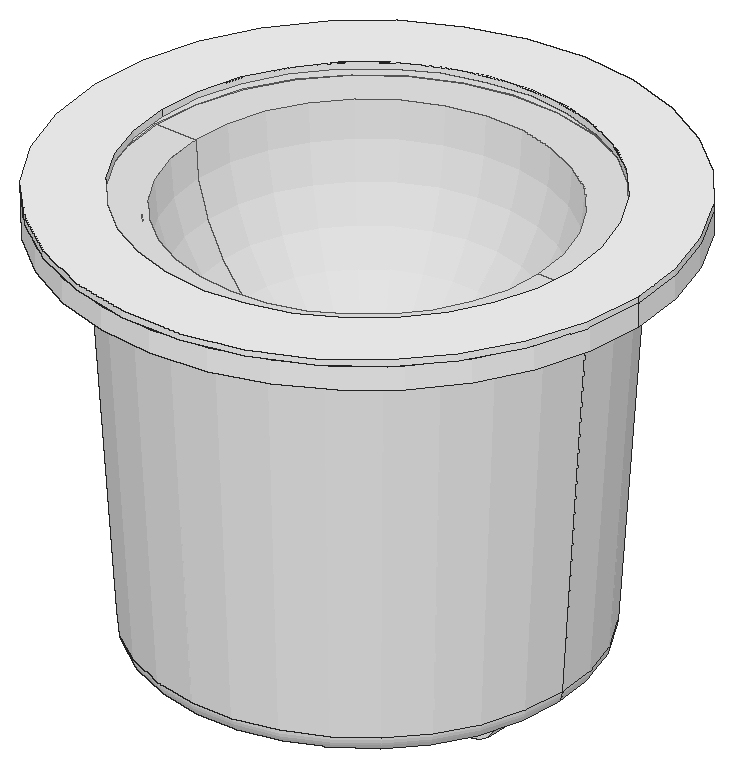
Revit family "2058934", category Lighting Fixtures, host Face, Revit 2018
Family settings
  Host = Face
  Round Connector Dimension = Use Diameter
  Part Type = Normal
  OmniClass Number = 23.80.70.11.17
  OmniClass Title = Specialized Lighting by Location or Use
  Cut with Voids When Loaded = No
  Light Source = Yes
  Shared = No
  Room Calculation Point = No
Parameters (values of type "2058934 MYRIAD DECO IP65 SP 3K PHD EM WH CBEZ")
  Weight = "n/a"
  Wattage = 15 W
  WarrantyStartDate [instance] = "n/a"
  WarrantyGuarantorParts = "n/a"
  WarrantyDurationUnit = "n/a"
  WarrantyDurationParts = ""
  WarrantyDescription = "http://www.sylvania-lighting.com"
  built-in parameter 1150110 = 1 (stored number, unit not read)
  Voltage = 230 V
  URL = "0"
  TypeName = "MYRIAD DECO IP65 SPOT 3000K PHDM EM WHITE CBEZ"
  Type Image = 0
  Type Comments = ""
  built-in parameter 1114217 = 1 (stored number, unit not read)
  Tilt Angle = -90°
  built-in parameter 1150109 = 1 (stored number, unit not read)
  built-in parameter 1150134 = (empty or 0)
  built-in parameter 1150113 = 1 (stored number, unit not read)
  SerialNumber [instance] = "n/a"
  Reflector Radius = Cutout Diameter / 2 - 2.5 mm  # 35.0 mm
  Reflector Material = Aluminum_Sylvania_Myriad_Bright
  Recessed Depth = Height  # 72.0 mm
  PowerFactor = 0
  PowerConsumption = "Lighting"
  Photometric Web File = "2058934.ies"
  NominalWidth = 0.0 mm
  NominalLength = 76.0 mm
  NominalHeight = 72.0 mm
  Name = "MYRIAD DECO IP65 SPOT 3000K PHDM EM WHITE CBEZ"
  ModelReference = "MYRIAD DECO IP65 SPOT 3000K PHDM EM WHITE CBEZ"
  ModelNumber = "2058934"
  Material = "Feilo Sylvania"
  ManufacturerName = "92 lm/W"
  LuminousEfficacy = ""
  LuminaireType = "0"
  LightOutputRatio = "LED"
  LampsType = Lamp  # "n/a"
  LampNominalLuminous = "3000 K"
  LampMacAdamStep = "90"
  LampColourTemperature = "LED"
  LampColourRenderingIndex = "16500"
  Keynote = "n/a"
  Keynote_2 = "16500"
  InstallationDate [instance] = "n/a"
  InputVoltage = "0"
  InputNominalFrequency = "3000"
  IngressProtection = "IfcLightFixtureType"
  ImpactProtectionIndex = "IfcLightFixtureType"
  IfcExportType = "IfcLightFixtureType"
  IfcExportAs = "Class II"
  Height = 72.0 mm  # constant formula
  ExpectedLife = 50000
  Emit from Circle Diameter = Accessory Inner Diameter 2  # 68.0 mm
  Emit Shape Visible in Rendering = no
  ElectricShockClassification = "92"
  DurationUnit = "hours"
  DocumentationLiterature = "http://www.sylvania-lighting.com/product/en-int/products/2058934"
  DimmingControlOptions = "n/a"
  Diffuser Material = Glass_Sylvania_Myriad_Clear_4000K
  Diffuser Diameter = Cutout Diameter  # 75.0 mm
  Cutout Diameter = 75.0 mm  # constant formula
  CreatedOn = "03/02/2022"
  CreatedBy = "@sylvania-lighting.com"
  built-in parameter 1001205 = 0
  Cost = 0
  built-in parameter 1114216 [instance] = 1 (stored number, unit not read)
  Model = "MYRIAD DECO IP65 SPOT 3000K PHDM EM WHITE CBEZ"
  Manufacturer = "Feilo Sylvania"  # constant formula
  built-in parameter 1150105 = 83.556 (stored number, unit not read)
  Lumens = 1050 lm
  built-in parameter 1150115 = 1 (stored number, unit not read)
  built-in parameter 1150137 = (empty or 0)
  built-in parameter 1150139 = (empty or 0)
  built-in parameter 1150112 = 1 (stored number, unit not read)
  built-in parameter 1150114 = 1 (stored number, unit not read)
  Lamp = "n/a"
  built-in parameter 1150132 = (empty or 0)
  built-in parameter 1150102 = (empty or 0)
  built-in parameter 1150107 = 2700 (stored number, unit not read)
  built-in parameter 1150138 = (empty or 0)
  built-in parameter 1150106 = 0.83556 (stored number, unit not read)
  built-in parameter 1150104 = 6.5032 (stored number, unit not read)
  Dimming Lamp Color Temperature Shift = <None>
  Description = "Supplied complete with electronic control gear Compact Fluorescent low energy downlight Emergency version passes through the cut out Ideal for low level orientation lighting New range of Architectural accessories each providing a different lit dimension New completely flush plaster up accessory ring for clean ceiling lines and smooth finish Order lamp separately"  # constant formula
  Default Elevation = 0.0 mm
  Color Filter = 16777215
  built-in parameter 1140040 [instance] = 1
  Body Radius = Reflector Radius + 1.5 mm  # 36.5 mm
  Body Material = Aluminum_Sylvania_Myriad_Gray
  BarCode [instance] = "n/a"
  built-in parameter 1114218 = 1 (stored number, unit not read)
  built-in parameter 1150133 = 10 (stored number, unit not read)
  AssetType = "Fixed"
  AssetIdentifier [instance] = "n/a"
  Assembly Code = "D5020200"
  Apparent Load = 12 VA
  Accessory Material = Aluminum_Sylvania_Myriad_White
  Accessory Inner Diameter 2 = Accessory Diameter - 22.0 mm  # 68.0 mm
  Accessory Inner Diameter 1 = Accessory Diameter - 2.0 mm  # 88.0 mm
  Accessory Diameter = Cutout Diameter + 15.0 mm  # 90.0 mm
Reference planes
  plane 1 "Center (Front/Back)": y = 0
  plane 2: z = 0
  plane 3 "Center (Left/Right)": x = 0
  plane 4: z = 2
  plane 5 "Fixture Bottom": z = 4.5
  plane 6: z = -28.5
  plane 7: z = -61.5
  plane 8 "Fixture Top": z = -67.5
  plane 9: z = 3.5
Forms (mm)
  Revolve 1, solid, material "Aluminum_Sylvania_Myriad_Bright" <- "Reflector Material", detail levels fine
    sketch origin (0, 0, 0) x (1, 0, 0) y (0, 0, 1)
      loop
        line (0, -27.515) -> (-6, -27.515)
        arc (-6, -27.515) -> (-22.333, -16.632) -> (-28.5, 2) r 30.135
        line (-28.5, 2) -> (-35, 2) -> (-35, 0) -> (-29.184, 0)
        arc (-29.184, 0) -> (-22.423, -18.18) -> (-6, -28.5) r 30.204
        line (-6, -28.5) -> (0, -28.5) -> (0, -27.515)
      axis (0, -28.5) -> (0, 2)
    angle from 0 to 360
  Revolve 2, solid, material "Aluminum_Sylvania_Myriad_Gray" <- "Body Material", detail levels fine
    sketch origin (0, 0, 0) x (1, 0, 0) y (0, 0, 1)
      loop
        line (-44, 2) -> (-44, 0) -> (-36.5, 0) -> (-32.42, -58.708)
        arc (-32.42, -58.708) -> (-31.474, -60.694) -> (-29.428, -61.5) r 3
        line (-29.428, -61.5) -> (0, -61.5) -> (0, -28.5) -> (-6, -28.5)
        arc (-6, -28.5) -> (-22.423, -18.18) -> (-29.184, 0) r 30.204
        line (-29.184, 0) -> (-35, 0) -> (-35, 2) -> (-44, 2)
      axis (0, 2) -> (0, -61.5)
    angle from 0 to 360
  Extrusion 3, solid, material "Aluminum_Sylvania_Myriad_Gray" <- "Body Material", detail levels fine
    sketch origin (0, 0, 0) x (1, 0, 0) y (0, 0, 1)
      loop
        line (-13.5, -67.5) -> (21, -67.5)
        arc (21, -67.5) -> (23.828, -66.328) -> (25, -63.5) r 4
        line (25, -63.5) -> (25, -61.5) -> (-17.5, -61.5) -> (-17.5, -63.5)
        arc (-17.5, -63.5) -> (-16.328, -66.328) -> (-13.5, -67.5) r 4
    from -4.5 to 4.5
  Extrusion 4, solid, material "Aluminum_Sylvania_Myriad_White" <- "Accessory Material", detail levels fine
    sketch origin (0, 0, 0) x (1, 0, 0) y (0, 1, 0)
      loop
        circle (0, 0) r 45
      loop
        circle (0, 0) r 44
    from 0 to 3.5
  Extrusion 5, solid, material "Aluminum_Sylvania_Myriad_White" <- "Accessory Material", detail levels fine
    sketch origin (0, 0, 0) x (1, 0, 0) y (0, 1, 0)
      loop
        circle (0, 0) r 45
      loop
        circle (0, 0) r 34
    from 3.5 to 4.5
  Extrusion 6, solid, material "Aluminum_Sylvania_Myriad_White" <- "Accessory Material", detail levels coarse+medium
    sketch origin (0, 0, 0) x (1, 0, 0) y (0, 1, 0)
      loop
        circle (0, 0) r 45
    from 0 to 4.5
  Revolve 7, solid, detail levels coarse+medium
    sketch origin (0, 0, 0) x (1, 0, 0) y (0, 0, 1)
      loop
        line (36.5, 0) -> (0, 0) -> (0, -61.5) -> (32.226, -61.5) -> (36.5, 0)
      axis (0, 0) -> (0, -61.5)
    angle from 0 to 360
  Extrusion 8, void
    sketch origin (0, 0, 0) x (1, 0, 0) y (0, 1, 0)
      loop
        circle (0, 0) r 37.5
    from -67.5 to 0
  Extrusion 9, solid, material "Glass_Sylvania_Myriad_Clear_4000K" <- "Diffuser Material", detail levels fine
    sketch origin (0, 0, 0) x (1, 0, 0) y (0, 1, 0)
      loop
        circle (0, 0) r 37.5
    from 2 to 3.5
Cuts and joins
  joined: Extrusion 4, Extrusion 5
Lines and regions (mm)
  Masking region 1
    outline origin (0, 0, 0) x (1, 0, 0) y (0, 1, 0)
      loop
        circle (0, 0) r 45
  symbolic lines
    curve 1: arc (-34, 0, 0) -> (0, 34, 0) -> (34, 0, 0) r 34
    curve 2: arc (34, 0, 0) -> (0, -34, 0) -> (-34, 0, 0) r 34
Dimensions and locks
  locked: plane 7 to plane 8 "Fixture Top" at 6
  "Body Radius": Revolve 7 sketch curve to plane 3 "Center (Left/Right)"
  locked: Revolve 7 sketch curve to Revolve 7 sketch curve at 4.274
  plane 5 "Fixture Bottom" to plane 9 to plane 4 to plane 2 to plane 6 = 1.0 mm locked, 1.5 mm locked, 2.0 mm locked, 28.5 mm locked
  "Reflector Radius": Revolve 1 sketch curve to plane 3 "Center (Left/Right)"
  Revolve 1 sketch curve to Revolve 1 sketch curve to Revolve 1 sketch curve to Revolve 1 sketch curve = 6.5 mm locked, 22.5 mm locked, 0.0 mm locked
  "Reflector Radius": plane 3 "Center (Left/Right)" to Revolve 2 sketch curve
  Revolve 2 sketch curve to Revolve 2 sketch curve to Revolve 2 sketch curve = 7.5 mm locked, 1.5 mm locked
  Revolve 2 sketch curve to Revolve 2 sketch curve to Revolve 2 sketch curve = 5.816 mm locked, 23.184 mm locked
  Revolve 2 sketch curve to Revolve 2 sketch curve to Revolve 2 sketch curve = 2.58 mm locked, 2.993 mm locked
  "Accessory Diameter": diameter of Extrusion 4 sketch curve
  "Accessory Inner Diameter 1": diameter of Extrusion 4 sketch curve
  "Accessory Diameter": diameter of Extrusion 5 sketch curve
  "Accessory Diameter": diameter of Extrusion 6 sketch curve
  "Cutout Diameter": diameter of Extrusion 8 sketch curve
  "Accessory Inner Diameter 2": diameter of Extrusion 5 sketch curve
  "Diffuser Diameter": diameter of Extrusion 9 sketch curve
  aligned and locked: plane 2 to host face
  aligned and locked: level to host face
  aligned and locked: plane 1 "Center (Front/Back)" to imposter light
  aligned and locked: plane 3 "Center (Left/Right)" to imposter light
  aligned and locked: Revolve 1 sketch curve to imposter light
  aligned and locked: Extrusion 3 sketch curve to plane 8 "Fixture Top"
  aligned and locked: plane 7 to Extrusion 3 sketch curve
  aligned and locked: Extrusion 4 to plane 2
  aligned and locked: plane 9 to Extrusion 4
  aligned and locked: Extrusion 5 to plane 9
  aligned and locked: plane 5 "Fixture Bottom" to Extrusion 5
  aligned and locked: Extrusion 6 to plane 2
  aligned and locked: plane 5 "Fixture Bottom" to Extrusion 6
  aligned and locked: Extrusion 8 to plane 8 "Fixture Top"
  aligned and locked: plane 2 to Extrusion 8
  aligned and locked: Masking region 1 sketch curve to Extrusion 6  (x2)
  aligned and locked: Extrusion 9 to plane 4
  aligned and locked: plane 9 to Extrusion 9
  aligned and locked: plane 4 to Revolve 2 sketch curve
  aligned and locked: Revolve 2 sketch curve to plane 2
  aligned and locked: curve 1 to cut or joined group of Extrusion 4, Extrusion 5
  aligned and locked: curve 2 to cut or joined group of Extrusion 4, Extrusion 5
  aligned and locked: imposter light to plane 5 "Fixture Bottom"
Automatic sketch dimensions
  host sketch curve to host sketch curve = 1305.563 mm
  host sketch curve to host sketch curve = 1283.632 mm
  Extrusion 3 sketch curve to plane 7 = 2.0 mm
  Extrusion 3 sketch curve to plane 3 "Center (Left/Right)" = 13.5 mm
  plane 3 "Center (Left/Right)" to Extrusion 3 sketch curve = 21.0 mm
  Extrusion 3 sketch curve to Extrusion 3 sketch curve = 4.0 mm
  Revolve 1 sketch curve to level = 0.0 mm
  Revolve 1 sketch curve to plane 3 "Center (Left/Right)" = 0.0 mm
  Revolve 1 sketch curve to plane 6 = 0.0 mm
  Revolve 1 sketch curve to plane 4 = 0.0 mm
  Revolve 1 sketch curve to Revolve 1 sketch curve = 0.684 mm
  level to Revolve 1 sketch curve = 0.88 mm
  Revolve 1 sketch curve to plane 4 = 0.363 mm
  Revolve 1 sketch curve to Revolve 1 sketch curve = 0.625 mm
  Revolve 1 sketch curve to plane 8 "Fixture Top" = 232.8 mm
  plane 5 "Fixture Bottom" to Revolve 1 sketch curve = 291.243 mm
  Revolve 2 sketch curve to plane 3 "Center (Left/Right)" = 0.0 mm  (x2)
  Revolve 2 sketch curve to plane 7 = 0.0 mm
  Revolve 2 sketch curve to plane 6 = 0.0 mm
  Revolve 2 sketch curve to level = 0.0 mm
  level to Revolve 2 sketch curve = 0.88 mm
  plane 7 to Revolve 2 sketch curve = 2.792 mm
  Revolve 2 sketch curve to plane 8 "Fixture Top" = 304.774 mm
  plane 5 "Fixture Bottom" to Revolve 2 sketch curve = 1137.105 mm
  Extrusion 4 sketch curve to Extrusion 4 sketch curve = 0.0 mm  (x2)
  plane 1 "Center (Front/Back)" to Extrusion 4 sketch curve = 0.0 mm
  Extrusion 4 sketch curve to plane 3 "Center (Left/Right)" = 0.0 mm
  Extrusion 5 sketch curve to Extrusion 5 sketch curve = 0.0 mm  (x2)
  plane 1 "Center (Front/Back)" to Extrusion 5 sketch curve = 0.0 mm
  Extrusion 5 sketch curve to plane 3 "Center (Left/Right)" = 0.0 mm
  plane 1 "Center (Front/Back)" to Extrusion 6 sketch curve = 0.0 mm
  Extrusion 6 sketch curve to plane 3 "Center (Left/Right)" = 0.0 mm
  Revolve 7 sketch curve to level = 0.0 mm
  Revolve 7 sketch curve to plane 3 "Center (Left/Right)" = 0.0 mm  (x2)
  Revolve 7 sketch curve to plane 7 = 0.0 mm
  Revolve 7 sketch curve to plane 8 "Fixture Top" = 304.774 mm
  plane 5 "Fixture Bottom" to Revolve 7 sketch curve = 43.226 mm
  plane 1 "Center (Front/Back)" to Extrusion 8 sketch curve = 0.0 mm
  Extrusion 8 sketch curve to plane 3 "Center (Left/Right)" = 0.0 mm
  plane 1 "Center (Front/Back)" to Extrusion 9 sketch curve = 0.0 mm
  Extrusion 9 sketch curve to plane 3 "Center (Left/Right)" = 0.0 mm
Connectors
  electrical at (-0.006, -0.019, -67.5), driven by "Apparent Load", driven by "Apparent Load"
    settings: on plane 8 "Fixture Top", index 1, voltage 230 V, apparent load 12 VA, apparent load phase1 12 VA, apparent load phase2 0 VA, apparent load phase3 0 VA, power factor 1, load classification "Lighting", number of poles 1, system type 30, power factor state 1, is connector primary yes, connector utility no, sub classification motor no, connector description ""
